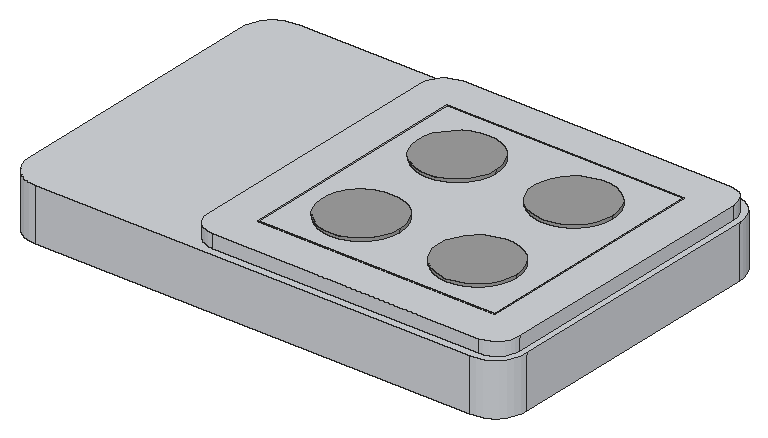
Revit family "Lighting-Industriale-GEWISS-SMART[4]ATEX_APPARECCHI-LED_1M", category Apparecchi per illuminazione, Revit 2019
Family settings
  Quota connettore circolare = Usa diametro
  Tipo di parte = Normale
  Numero OmniClass = 23.80.00.00
  Titolo OmniClass = Electric Power and Lighting
  Basato su piano di lavoro = Sì
  Sempre verticale = No
  Taglio con vuoti quando caricato = No
  Sorgente d'illuminazione = No
  Condiviso = No
  Punto di calcolo locali = No
Parameters (values of type "GWS4120FP857 - SMART4LB 1M ST.AL.ON/OFF ATEX 90° 57K")
  Voltaggio = 230 V
  Viti esterne = "Acciaio inox"
  Vetro acceso = Lampada accesa
  Versione file RFA = "20.11"
  Vano di alimentazione = "Integrato"
  URL = "https://www.gewiss.com/it/it"
  Tolleranza cromatica = "SDCM = 3"
  Tipologia sorgente luminosa = "LED - Non sostituibile"
  Tipo di installazione e montaggio = "Plafone - Parete - Sospensione"
  Tipo di apparecchio = "Riflettore industriale a LED&nbsp;"
  Tensione di alimentazione = "220 - 240 V"
  Temperatura di stoccaggio = "-40 +70 °C"
  Temperatura di esercizio = "+5°C / +40 °C"
  Temperatura di colore = "5700K"
  Superficie massima esposta al vento : = "0,097 m²"
  Spostamento_Y_etichetta [instance] = 0 mm
  Spostamento_Y_effettivo_etichetta [instance] = 1500 mm - Spostamento_Y_etichetta  # 1500 mm
  Spostamento_X_etichetta [instance] = 0 mm
  Spostamento_X_effettivo_etichetta [instance] = 1500 mm - Spostamento_X_etichetta  # 1500 mm
  SostituibilitÃ  piastra di cablaggio = "Non sostituibile"
  SostituibilitÃ  gruppo ottico = "Non sostituibile"
  Sistema di controllo : = "ON / OFF"
  Sistema di controllo = "ON / OFF"
  Schermo = "Vetro Temprato Spessore 4mm"
  Scheda Tecnica = "https://www.gewiss.com/it/it/search?q=GWS4120FP857"
  Resistenza al filo incandescente = "850 °C"
  Resistenza agli urti = "IK08"
  Produttore = "GEWISS S.p.A."
  Potenza di sistema = "64W"
  Peso (kg): = "3,5"
  Ottica = "90°"
  Offset etichetta W [instance] = 120 mm
  Norma di riferimento = "EN 60079-0 ; EN 60079-15 ; EN 60079-31 ; EN 60598-1 ; EN 60598-2-1"
  Modello = "GWS4120FP857"
  Materiali = "-"
  Lumen output (lm) = "9100"
  Lampada = "LED"
  Installazione e manutenzione = "-"
  Informazioni generali = "-"
  Indice di resa cromatica = "CRI-80"
  Inclinazione = "Con accessorio staffa"
  Immagine tipo = GWL1071.jpg
  IPEA = "-"
  IFC.TypeObject = ""
  IFC.ExportType = ""
  IFC.ExportAs = ""
  IDT = "b95782d405ee4ca1a3b4b3dc6b47d217"
  IDF = "60a8a722-c8ac-4f53-b8cc-3a708bea06e4"
  Guarnizioni = "tipo siliconico antinvecchiamento "
  Gruppo ottico = "Riflettore in PC metallizzato e lenti in PMMA"
  Grado di protezione = "IP66"
  Garanzia = "5 anni"
  Gancio di chiusura = "-"
  Frequenza nominale (Hz) = "50/60 Hz"
  Fissaggio = "-"
  Finitura colore = "Grigio RAL 7035"
  Etichetta wattaggio [instance] = yes
  Default Elevation = 1219.2 mm
  Trasformatore = none
  Spessore plafoniera = 40 mm  # constant formula
  Proiettsmart [instance] = yes
  Raggio led = 30 mm  # constant formula
  Plafoniera = none
  Efficienza luminosa (lm/W) = "142"
  Durata di vita = "L90B10 (Tq+25°C) = 100.000 h - L90B10 (Tq+40°C) = 50.000 h"
  Dispositivo di protezione = "DM 6 kV / CM 10 kV"
  Descrizione = "SMART[4]LB 1M ST.AL.ON/OFF ATEX 90° 57K"
  Creato da GEWISS S.p.A. = ""
  Corpo = "PA6 “Halogen Free” caricato fibra vetro"
  Controllo abbagliamento e luminanza = "UGR - 25"
  Contesto = "Illuminazione di logistiche e locali produttivi industriali"
  Commenti sul wattaggio = "50W"
  Colore = "Grigio RAL 7035"
  Codice digitale univoco (Datamatrix) = "Datamatrix"
  Codice Electrocod = "2444"
  Classificazione: = "ATEX: II 3 G Ex nR IIC T6 Gc - II 3 D Ex tc IIIC T65°C Dc"
  Classificazione = Lighting
  Classe isolamento = "I"
  Classe fotobiologica = "RG0"
  Certificazioni e classificazioni = "-"
  Certificazione DIN 18032-3 = "-"
  Catalogo = "LIGHTING"
  Carico apparente = 50 VA
  Motore = none
  Lunghezza = 383 mm  # constant formula
  Larghezza = 253 mm  # constant formula
  Distanza tot_plafoniera = 74 mm  # constant formula
  Dettaglio bidimensionale attivo [instance] = not(Proiettsmart)  # no
  Caratteristiche ottiche e illuminotecniche = "-"
  Caratteristiche elettriche e gestione della luce = "-"
  Cablaggio = "Cablaggio singolo con cavo antirespirazione che esce da PG metallico (NO Connettore) "
  COBie.Tagnumber = ""
  COBie.CreatedOn = ""
  COBie.CreatebBy = ""
  COBie.ComponentRegisterItemID = ""
  COBie.Component.TagNumber = ""
  COBie.Component.Space = ""
  COBie.Component.SerialNumber = ""
  COBie.Component.InstallationDate = ""
  COBie.Component.Description = ""
  COBie.Component.BarCode = ""
  Applicazione = "Interno"
  Apparecchio a ridotta temperatura superficiale = "Si"
  Alimentatore = "Incluso"
Types (8, lengths in mm): name | Temperatura di colore | Scheda Tecnica | Ottica | Modello | Lumen output (lm) | IDT | Gruppo ottico | Efficienza luminosa (lm/W) | Descrizione | Controllo abbagliamento e luminanza
  GWS4120FA840 - SMART4LB 1M ST.AL.ON/OFF ATEX ARR.40K | "4000K" | "https://www.gewiss.com/it/it/search?q=GWS4120FA840" | "Array" | "GWS4120FA840" | "8900" | "69070630deb94fb3b4f068582279c8b7" | "Riflettore in PC metallizzato" | "139" | "SMART[4]LB 1M ST.AL.ON/OFF ATEX ARR.40K" | "-"
  GWS4120FA857 - SMART4LB 1M ST.AL.ON/OFF ATEX ARR.57K | "5700K" | "https://www.gewiss.com/it/it/search?q=GWS4120FA857" | "Array" | "GWS4120FA857" | "8900" | "c49f7efa430d40b6a3292866e0f7e549" | "Riflettore in PC metallizzato" | "139" | "SMART[4]LB 1M ST.AL.ON/OFF ATEX ARR.57K" | "-"
  GWS4120FC840 - SMART4LB 1M ST.AL.ON/OFF ATEX ASI.40K | "4000K" | "https://www.gewiss.com/it/it/search?q=GWS4120FC840" | "Asimmetrica" | "GWS4120FC840" | "8100" | "db90bf54f8844b90a39a2cda6c833907" | "Riflettore in PC metallizzato e lenti in PMMA" | "127" | "SMART[4]LB 1M ST.AL.ON/OFF ATEX ASI.40K" | "-"
  GWS4120FC857 - SMART4LB 1M ST.AL.ON/OFF ATEX ASI.57K | "5700K" | "https://www.gewiss.com/it/it/search?q=GWS4120FC857" | "Asimmetrica" | "GWS4120FC857" | "8100" | "d60f3049486340dab08db8c3e0418ebf" | "Riflettore in PC metallizzato e lenti in PMMA" | "127" | "SMART[4]LB 1M ST.AL.ON/OFF ATEX ASI.57K" | "-"
  GWS4120FH840 - SMART4LB 1M ST.AL.ON/OFF ATEX 60° 40K | "4000K" | "https://www.gewiss.com/it/it/search?q=GWS4120FH840" | "60°" | "GWS4120FH840" | "9000" | "8ea916fe10134204a80d036faaa4efa6" | "Riflettore in PC metallizzato e lenti in PMMA" | "141" | "SMART[4]LB 1M ST.AL.ON/OFF ATEX 60° 40K" | "UGR - 25"
  GWS4120FH857 - SMART4LB 1M ST.AL.ON/OFF ATEX 60° 57K | "5700K" | "https://www.gewiss.com/it/it/search?q=GWS4120FH857" | "60°" | "GWS4120FH857" | "9000" | "5ff35ddfc0c04b4c9ae3a7d07e6419b0" | "Riflettore in PC metallizzato e lenti in PMMA" | "141" | "SMART[4]LB 1M ST.AL.ON/OFF ATEX 60° 57K" | "UGR - 25"
  GWS4120FP840 - SMART4LB 1M ST.AL.ON/OFF ATEX 90° 40K | "4000K" | "https://www.gewiss.com/it/it/search?q=GWS4120FP840" | "90°" | "GWS4120FP840" | "9100" | "cc487a92588d4206a9d1952d4b2c42d6" | "Riflettore in PC metallizzato e lenti in PMMA" | "142" | "SMART[4]LB 1M ST.AL.ON/OFF ATEX 90° 40K" | "UGR - 25"
  GWS4120FP857 - SMART4LB 1M ST.AL.ON/OFF ATEX 90° 57K | "5700K" | "https://www.gewiss.com/it/it/search?q=GWS4120FP857" | "90°" | "GWS4120FP857" | "9100" | "b95782d405ee4ca1a3b4b3dc6b47d217" | "Riflettore in PC metallizzato e lenti in PMMA" | "142" | "SMART[4]LB 1M ST.AL.ON/OFF ATEX 90° 57K" | "UGR - 25"
Reference planes
  plane 1 "Centro (Fronte/Retro)": y = 0
  plane 2: z = 0
  plane 3 "Centro (Sinistra/Destra)": x = 0
  plane 4: x = -191.5
  plane 5: y = 126.5
  plane 6: x = 191.5
  plane 7: y = -126.5
  plane 8: z = -74
  plane 9: x = -175.5
  plane 10: y = -110.5
  plane 11: y = 110.5
  plane 12: x = -60.5
  plane 13: y = 121.5
  plane 14: x = 186.5
  plane 15: y = -120
  plane 16: z = 74
  plane 17: z = 84
  plane 18: z = 86
  plane 19: x = -1500
  plane 20: y = -1500
  plane 21: x = 0
  plane 22: y = 0
Dimensions and locks
  equal spacing: plane 5, plane 1 "Centro (Fronte/Retro)", plane 7
  equal spacing: plane 4, plane 3 "Centro (Sinistra/Destra)", plane 6
  "Lunghezza": plane 4 to plane 6
  "Larghezza": plane 5 to plane 7
  locked: plane 14 to plane 6 at 5
  locked: plane 5 to plane 13 at 5
  nested 3 to plane 8 = 133.058 mm
  locked: plane 4 to plane 9 at 16
  "Offset etichetta W": plane 1 "Centro (Fronte/Retro)" to plane 15
  "Distanza tot_plafoniera": plane 16 to level
  locked: plane 18 to plane 17 at 2
  plane 19 to plane 3 "Centro (Sinistra/Destra)" = 1500 mm
  plane 1 "Centro (Fronte/Retro)" to plane 20 = 1500 mm
  "Spostamento_Y_effettivo_etichetta": plane 22 to plane 20
  "Spostamento_X_effettivo_etichetta": plane 19 to plane 21
  aligned and locked: level to plane 2
  aligned and locked: plane 4 to nested 1
  aligned and locked: plane 6 to nested 1
  aligned and locked: plane 5 to nested 1
  aligned and locked: plane 7 to nested 1
  aligned and locked: plane 14 to nested 2
  aligned and locked: plane 1 "Centro (Fronte/Retro)" to nested 10
  aligned and locked: nested 3 to plane 2
  aligned and locked: plane 16 to nested 1
  aligned and locked: plane 1 "Centro (Fronte/Retro)" to nested 8
  aligned and locked: plane 1 "Centro (Fronte/Retro)" to nested 1
  aligned and locked: plane 1 "Centro (Fronte/Retro)" to nested 2
  aligned and locked: nested 2 to plane 16
  aligned and locked: nested 4 to plane 18
  aligned and locked: plane 18 to nested 6
  aligned and locked: nested 7 to plane 18
  aligned and locked: plane 18 to nested 5
  aligned and locked: nested 9 to plane 22
  aligned and locked: plane 21 to nested 9
Nested families
  nested 1: "Struttura_SMART[4] LB - 2+2 L" at (0, 0, 74), type "SMART Lab (4) 4L"
  nested 2: "mascherina_SMART (4)" at (66.5, 0, 84), type "Maschera_smart (4) 4L", detail levels medium+fine
  nested 3: "Staffa SMART LAB 4" at (65, -20, 59.058) x (0, 1, 0) z (0, 0, -1), type "Staffa SMART LAB 4", detail levels medium+fine
  nested 4: "Gewis - Led" at (20.25, 44.75, 86), type "Gewis - Led", detail levels fine
  nested 5: "Gewis - Led" at (109.75, 44.75, 86) x (-1, 0, 0) z (0, 0, 1), type "Gewis - Led", detail levels fine
  nested 6: "Gewis - Led" at (20.25, -47.75, 86), type "Gewis - Led", detail levels fine
  nested 7: "Gewis - Led" at (109.75, -47.75, 86) x (-1, 0, 0) z (0, 0, 1), type "Gewis - Led", detail levels fine
  nested 8: "Rappr_bidimensionale_SMART[4] LB 4L" at (40, 0, 0), visible <- "Dettaglio bidimensionale attivo", type "SMART[4] LB 4L_bidimensionalerfa"
  nested 9: "ETICHETTA LIGHT" at (0, 0, 0), visible <- "Etichetta wattaggio", type "ETICHETTA LIGHT"
  nested 10: "PROIETTSMART " at (-32.162, 0, 0), visible <- "Proiettsmart", type "PROIETTSMART "
Connectors
  electrical at (0.009, -0.098, 34), driven by "Classificazione", driven by "Carico apparente"
    settings: on nested 1, index 1, voltage 230 V, apparent load 0 VA, apparent load phase1 50 VA, apparent load phase2 0 VA, apparent load phase3 0 VA, power factor 1, load classification "Lighting", number of poles 2, system type 31, power factor state 1, is connector primary yes, connector utility no, sub classification motor no, connector description ""
Definition of nested family "Struttura_SMART[4] LB - 2+2 L"
  Parameters (values of type "SMART Lab (4) 4L")
    Struttura plafoniera = none
    Spessore_plafoniera = 40 mm
    Lunghezza = 383 mm
    Larghezza = 253 mm
  Reference planes
    plane 1 "Asse sorgente illuminazione (F/B)": y = 0
    plane 2: z = 0
    plane 3 "Asse sorgente illuminazione (L/R)": x = 0
    plane 4 "Prospetto sorgente di illuminazione": z = -40
    plane 5 "SX": x = -191.5
    plane 6 "DX": x = 191.5
    plane 7 "DIETRO": y = 126.5
    plane 8 "AVANTI": y = -126.5
    plane 9: x = -51.5
    plane 10: x = 180.5
    plane 11: y = -115.5
    plane 12: y = 115.5
    plane 13: x = -180.5
    plane 14: x = 51.5
  Forms (mm)
    Extrusion 1, solid, material <- "Struttura plafoniera"
      sketch origin (0, 0, 0) x (1, 0, 0) y (0, 1, 0)
        loop
          line (191.5, -102.095) -> (191.5, 102.09)
          arc (191.5, 102.09) -> (184.35, 119.35) -> (167.09, 126.5) r 24.41
          line (167.09, 126.5) -> (-167.009, 126.5)
          arc (-167.009, 126.5) -> (-184.554, 119.1) -> (-191.5, 101.371) r 24.499
          line (-191.5, 101.371) -> (-191.5, -102.092)
          arc (-191.5, -102.092) -> (-184.351, -119.351) -> (-167.092, -126.5) r 24.408
          line (-167.092, -126.5) -> (167.117, -126.5)
          arc (167.117, -126.5) -> (184.334, -119.368) -> (191.465, -102.152) r 24.348
      from -40 to 0
  Dimensions and locks
    equal spacing: plane 5 "SX", plane 3 "Asse sorgente illuminazione (L/R)", plane 6 "DX"
    equal spacing: plane 7 "DIETRO", plane 1 "Asse sorgente illuminazione (F/B)", plane 8 "AVANTI"
    "Lunghezza": plane 5 "SX" to plane 6 "DX"
    "Larghezza": plane 7 "DIETRO" to plane 8 "AVANTI"
    locked: plane 7 "DIETRO" to plane 12 at 11
    locked: plane 11 to plane 8 "AVANTI" at 11
    locked: plane 10 to plane 6 "DX" at 11
    locked: plane 9 to plane 10 at 232
    plane 13 to plane 14 = 232 mm
    locked: plane 5 "SX" to plane 13 at 11
    "Spessore_plafoniera": plane 2 to plane 4 "Prospetto sorgente di illuminazione"
    aligned and locked: level to plane 2
    aligned and locked: Extrusion 1 to plane 5 "SX"
    aligned and locked: Extrusion 1 to plane 8 "AVANTI"  (x2)
    aligned and locked: plane 7 "DIETRO" to Extrusion 1
    aligned and locked: plane 6 "DX" to Extrusion 1
    aligned and locked: plane 4 "Prospetto sorgente di illuminazione" to Extrusion 1
    aligned and locked: plane 2 to Extrusion 1
  Automatic sketch dimensions
    Extrusion 1 sketch curve to plane 5 "SX" = 0 mm
    Extrusion 1 sketch curve to plane 8 "AVANTI" = 0 mm
    Extrusion 1 sketch curve to plane 7 "DIETRO" = 0 mm
    Extrusion 1 sketch curve to plane 6 "DX" = 0 mm
    plane 13 to Extrusion 1 sketch curve = 13.408 mm
    plane 13 to Extrusion 1 sketch curve = 13.491 mm
    Extrusion 1 sketch curve to plane 10 = 13.41 mm
    Extrusion 1 sketch curve to plane 10 = 13.383 mm
    plane 11 to Extrusion 1 sketch curve = 13.348 mm
    Extrusion 1 sketch curve to plane 12 = 14.129 mm
    Extrusion 1 sketch curve to Extrusion 1 sketch curve = 0.056 mm
Definition of nested family "mascherina_SMART (4)"
  Parameters (values of type "Maschera_smart (4) 4L")
    Spessore_mascherina = 10 mm
    Default Elevation = 1219.2 mm
    N.intarsi = (Lunghezza_mascherina - (Bordo * 2)) / 15 mm  # 12
    N._intarsi verticale = (Larghezza_mascherina - (Bordo * 2)) / 17 mm  # 11
    Mascherina = none
    Lunghezza_mascherina = 240 mm
    Larghezza_mascherina = 240 mm
    Distanza_intarsi v. = 41 mm  # constant formula
    Distanza_intarsi = 37 mm  # constant formula
    Bordo = 29 mm
  Reference planes
    plane 1 "Centro (Fronte/Retro)": y = 0
    plane 2: z = 0
    plane 3 "Centro (Sinistra/Destra)": x = 0
    plane 4: x = -120
    plane 5 "Dietro": y = 120
    plane 6: x = 120
    plane 7: y = -120
    plane 8: x = -91
    plane 9: y = -91
    plane 10: x = 91
    plane 11: y = 91
    plane 12: x = -83
    plane 13: y = 94.742
    plane 14: y = -95
    plane 15: z = -10
    plane 16: x = -95
    plane 17: y = 79
    plane 18: y = -79
    plane 19: x = 95
    plane 20: z = -4.799
  Forms (mm)
    Extrusion 1, solid, material <- "Mascherina"
      sketch origin (0, 0, 0) x (1, 0, 0) y (0, 1, 0)
        loop
          arc (-102.5, 120) -> (-114.874, 114.874) -> (-120, 102.5) r 17.5
          line (-120, 102.5) -> (-120, -102.5)
          arc (-120, -102.5) -> (-114.874, -114.874) -> (-102.5, -120) r 17.5
          line (-102.5, -120) -> (102.5, -120)
          arc (102.5, -120) -> (114.874, -114.874) -> (120, -102.5) r 17.5
          line (120, -102.5) -> (120, 102.5)
          arc (120, 102.5) -> (114.874, 114.874) -> (102.5, 120) r 17.5
          line (102.5, 120) -> (-102.5, 120)
        loop
          line (-91, 91) -> (-91, -91) -> (91, -91) -> (91, 91) -> (-91, 91)
      from -10 to 0
    Extrusion 2, solid, material <- "Mascherina"
      sketch origin (0, 0, 0) x (1, 0, 0) y (0, 1, 0)
        loop
          line (-91, 91) -> (-91, -91) -> (91, -91) -> (91, 91) -> (-91, 91)
      from -4.799 to 0
  Dimensions and locks
    equal spacing: plane 4, plane 3 "Centro (Sinistra/Destra)", plane 6
    "Lunghezza_mascherina": plane 4 to plane 6
    equal spacing: plane 5 "Dietro", plane 1 "Centro (Fronte/Retro)", plane 7
    "Larghezza_mascherina": plane 5 "Dietro" to plane 7
    "Bordo": plane 4 to plane 8
    "Bordo": plane 9 to plane 7
    "Bordo": plane 5 "Dietro" to plane 11
    "Bordo": plane 10 to plane 6
    "Distanza_intarsi": plane 4 to plane 12
    locked: plane 13 to plane 11 at 3.742
    "Spessore_mascherina": plane 2 to plane 15
    "Distanza_intarsi v.": plane 5 "Dietro" to plane 17
    "Distanza_intarsi v.": plane 18 to plane 7
    locked: plane 9 to plane 14 at 4
    locked: plane 16 to plane 8 at 4
    locked: plane 10 to plane 19 at 4
    locked: plane 2 to plane 20 at 4.799
    radius of Extrusion 1 sketch curve = 17.5 mm  (x4)
    aligned and locked: level to plane 2
    aligned and locked: plane 4 to Extrusion 1 sketch curve
    aligned and locked: plane 6 to Extrusion 1 sketch curve
    aligned and locked: Extrusion 1 sketch curve to plane 5 "Dietro"
    aligned and locked: Extrusion 1 sketch curve to plane 7
    aligned and locked: Extrusion 1 sketch curve to plane 11
    aligned and locked: plane 8 to Extrusion 1 sketch curve
    aligned and locked: plane 9 to Extrusion 1 sketch curve
    aligned and locked: Extrusion 1 sketch curve to plane 10
    aligned and locked: plane 2 to Extrusion 1
    aligned and locked: Extrusion 1 to plane 15
    aligned and locked: Extrusion 2 sketch curve to plane 10
    aligned and locked: plane 9 to Extrusion 2 sketch curve
    aligned and locked: plane 8 to Extrusion 2 sketch curve
    aligned and locked: Extrusion 2 sketch curve to plane 11
    aligned and locked: plane 2 to Extrusion 2
    aligned and locked: Extrusion 2 to plane 20
Definition of nested family "Staffa SMART LAB 4"
  Parameters (values of type "Staffa SMART LAB 4")
    Staffa = none
    Default Elevation = 1219.2 mm
  Reference planes
    plane 1 "Centro (Fronte/Retro)": y = 0
    plane 2: z = 0
    plane 3 "Centro (Sinistra/Destra)": x = 0
    plane 4: y = 25
    plane 5: y = -25
    plane 6: x = -480
    plane 7: x = 480
    plane 8: z = 340
  Forms (mm)
    Extrusion 1, solid, material <- "Staffa"
      sketch origin (-19.427, 0, 0) x (1, 0, 0) y (0, 0, 1)
        loop
          line (-52.112, 0) -> (-51.312, 0) -> (-51.312, 5.038) -> (-51.312, 7.679) -> (-48.064, 11.553) -> (-48.309, 20.832)
          arc (-48.309, 20.832) -> (-48.108, 21.384) -> (-47.585, 21.651) r 0.801
          line (-47.585, 21.651) -> (-46.541, 21.744)
          arc (-46.541, 21.744) -> (-45.388, 22.346) -> (-44.998, 23.587) r 1.701
          line (-44.998, 23.587) -> (-45.225, 26.168) -> (-47.881, 28.39) -> (-47.881, 32.971) -> (-23.475, 58.058) -> (62.329, 58.058) -> (86.735, 32.971) -> (86.735, 28.39) -> (84.08, 26.168) -> (83.852, 23.587)
          arc (83.852, 23.587) -> (84.243, 22.346) -> (85.396, 21.744) r 1.701
          line (85.396, 21.744) -> (86.439, 21.651)
          arc (86.439, 21.651) -> (86.963, 21.384) -> (87.163, 20.832) r 0.801
          line (87.163, 20.832) -> (86.919, 11.553) -> (90.167, 7.679) -> (90.167, 5.038) -> (90.167, 0) -> (90.967, 0) -> (90.967, 5.038) -> (90.967, 7.979) -> (87.921, 11.618) -> (88.163, 20.806)
          arc (88.163, 20.806) -> (87.71, 22.048) -> (86.531, 22.647) r 1.801
          line (86.531, 22.647) -> (85.484, 22.74)
          arc (85.484, 22.74) -> (85.009, 22.988) -> (84.849, 23.499) r 0.701
          line (84.849, 23.499) -> (85.039, 25.667) -> (87.735, 27.923) -> (87.735, 32.876) -> (86.947, 34.187) -> (62.751, 59.058) -> (-23.897, 59.058) -> (-48.093, 34.187) -> (-48.881, 32.876) -> (-48.881, 27.923) -> (-46.185, 25.667) -> (-45.994, 23.499)
          arc (-45.994, 23.499) -> (-46.155, 22.988) -> (-46.63, 22.74) r 0.701
          line (-46.63, 22.74) -> (-47.676, 22.647)
          arc (-47.676, 22.647) -> (-48.856, 22.048) -> (-49.308, 20.806) r 1.801
          line (-49.308, 20.806) -> (-49.066, 11.618) -> (-52.112, 7.979) -> (-52.112, 5.038) -> (-52.112, 0)
      from -25 to 25
  Dimensions and locks
    equal spacing: plane 6, plane 3 "Centro (Sinistra/Destra)", plane 7
    equal spacing: plane 4, plane 1 "Centro (Fronte/Retro)", plane 5
    plane 4 to plane 5 = 50 mm
    plane 6 to plane 7 = 960 mm
    aligned and locked: level to plane 2
    aligned and locked: plane 4 to Extrusion 1
    aligned and locked: Extrusion 1 to plane 5
  Automatic sketch dimensions
    Extrusion 1 sketch curve to Extrusion 1 sketch curve = 0 mm  (x10)
    Extrusion 1 sketch curve to level = 0 mm  (x2)
    level to Extrusion 1 sketch curve = 5.038 mm
    Extrusion 1 sketch curve to plane 3 "Centro (Sinistra/Destra)" = 71.54 mm
    Extrusion 1 sketch curve to Extrusion 1 sketch curve = 0.8 mm  (x2)
    level to Extrusion 1 sketch curve = 20.806 mm  (x2)
    Extrusion 1 sketch curve to Extrusion 1 sketch curve = 2.804 mm
    level to Extrusion 1 sketch curve = 11.618 mm  (x2)
    Extrusion 1 sketch curve to Extrusion 1 sketch curve = 2.246 mm  (x2)
    Extrusion 1 sketch curve to Extrusion 1 sketch curve = 0.428 mm
    level to Extrusion 1 sketch curve = 20.832 mm  (x2)
    Extrusion 1 sketch curve to Extrusion 1 sketch curve = 1 mm  (x4)
    Extrusion 1 sketch curve to Extrusion 1 sketch curve = 0.788 mm
    level to Extrusion 1 sketch curve = 11.553 mm  (x2)
    Extrusion 1 sketch curve to Extrusion 1 sketch curve = 1.002 mm  (x2)
    level to Extrusion 1 sketch curve = 22.647 mm  (x2)
    Extrusion 1 sketch curve to Extrusion 1 sketch curve = 0.632 mm
    level to Extrusion 1 sketch curve = 21.651 mm  (x2)
    Extrusion 1 sketch curve to Extrusion 1 sketch curve = 0.092 mm  (x2)
    Extrusion 1 sketch curve to Extrusion 1 sketch curve = 0.984 mm
    level to Extrusion 1 sketch curve = 22.74 mm  (x2)
    Extrusion 1 sketch curve to Extrusion 1 sketch curve = 0.062 mm
    level to Extrusion 1 sketch curve = 21.744 mm  (x2)
    Extrusion 1 sketch curve to Extrusion 1 sketch curve = 0.088 mm
    Extrusion 1 sketch curve to Extrusion 1 sketch curve = 0.507 mm
    level to Extrusion 1 sketch curve = 23.499 mm  (x2)
    Extrusion 1 sketch curve to Extrusion 1 sketch curve = 0.698 mm  (x2)
    Extrusion 1 sketch curve to Extrusion 1 sketch curve = 0.96 mm  (x2)
    level to Extrusion 1 sketch curve = 23.587 mm  (x2)
    Extrusion 1 sketch curve to plane 3 "Centro (Sinistra/Destra)" = 43.324 mm
    Extrusion 1 sketch curve to Extrusion 1 sketch curve = 0.422 mm  (x2)
    plane 3 "Centro (Sinistra/Destra)" to Extrusion 1 sketch curve = 42.902 mm
    Extrusion 1 sketch curve to Extrusion 1 sketch curve = 21.523 mm
    level to Extrusion 1 sketch curve = 26.168 mm
    Extrusion 1 sketch curve to Extrusion 1 sketch curve = 0.227 mm
    Extrusion 1 sketch curve to Extrusion 1 sketch curve = 0.996 mm
    level to Extrusion 1 sketch curve = 25.667 mm
    Extrusion 1 sketch curve to Extrusion 1 sketch curve = 0.548 mm
    Extrusion 1 sketch curve to Extrusion 1 sketch curve = 0.966 mm
    Extrusion 1 sketch curve to Extrusion 1 sketch curve = 0.077 mm
    level to Extrusion 1 sketch curve = 28.39 mm
    Extrusion 1 sketch curve to Extrusion 1 sketch curve = 1.696 mm
    Extrusion 1 sketch curve to Extrusion 1 sketch curve = 0.557 mm
    level to Extrusion 1 sketch curve = 34.187 mm
    Extrusion 1 sketch curve to Extrusion 1 sketch curve = 0.212 mm
    Extrusion 1 sketch curve to Extrusion 1 sketch curve = 0.801 mm
    level to Extrusion 1 sketch curve = 7.679 mm
    Extrusion 1 sketch curve to Extrusion 1 sketch curve = 2.641 mm  (x2)
    Extrusion 1 sketch curve to Extrusion 1 sketch curve = 0.3 mm  (x2)
    Extrusion 1 sketch curve to Extrusion 1 sketch curve = 2.168 mm
    Extrusion 1 sketch curve to Extrusion 1 sketch curve = 0.501 mm
    Extrusion 1 sketch curve to Extrusion 1 sketch curve = 0.467 mm  (x2)
    Extrusion 1 sketch curve to Extrusion 1 sketch curve = 2.256 mm
    Extrusion 1 sketch curve to Extrusion 1 sketch curve = 4.486 mm
    Extrusion 1 sketch curve to Extrusion 1 sketch curve = 1.311 mm
    Extrusion 1 sketch curve to Extrusion 1 sketch curve = 0.095 mm  (x2)
    Extrusion 1 sketch curve to Extrusion 1 sketch curve = 1.216 mm
    Extrusion 1 sketch curve to Extrusion 1 sketch curve = 23.87 mm
Definition of nested family "Gewis - Led"
  Parameters (values of type "Gewis - Led")
    Vetro = none
    Raggio led = 30 mm
    Default Elevation = 1219.2 mm
    Estensione vetro = 3 mm
  Reference planes
    plane 1 "Centro (Fronte/Retro)": y = 0
    plane 2: z = 0
    plane 3 "Centro (Sinistra/Destra)": x = 0
  Forms (mm)
    Extrusion 1, solid, material <- "Vetro"
      sketch origin (0, 0, 0) x (1, 0, 0) y (0, 1, 0)
        loop
          circle (0, 0) r 30
      from -3 to 0
  Dimensions and locks
    "Estensione vetro": level to Extrusion 1
    "Raggio led": radius of Extrusion 1 sketch curve
    aligned and locked: level to plane 2
    aligned and locked: level to Extrusion 1
  Automatic sketch dimensions
    plane 1 "Centro (Fronte/Retro)" to Extrusion 1 sketch curve = 0 mm
    Extrusion 1 sketch curve to plane 3 "Centro (Sinistra/Destra)" = 0 mm
Definition of nested family "Rappr_bidimensionale_SMART[4] LB 4L"
  Reference planes
    plane 1 "Centro (Fronte/Retro)": y = 0
    plane 2: z = 0
    plane 3 "Centro (Sinistra/Destra)": x = 0
  Lines and regions (mm)
    model lines, in view "Livello rif."
      curve 1: circle (-20.568, 47.057, 0) r 28.619 normal (0, 0, 1)
      curve 2: circle (73.432, -46.943, 0) r 28.619 normal (0, 0, 1)
      curve 3: circle (-20.568, -46.943, 0) r 28.619 normal (0, 0, 1)
      curve 4: circle (73.432, 47.057, 0) r 28.619 normal (0, 0, 1)
      curve 5: arc (-93.068, -104.009, 0) -> (-88.529, -114.969, 0) -> (-77.568, -119.509, 0) r 15.5
      curve 6: arc (145.932, 103.991, 0) -> (141.392, 114.952, 0) -> (130.432, 119.491, 0) r 15.5
      curve 7: arc (-77.568, 119.491, 0) -> (-88.529, 114.952, 0) -> (-93.068, 103.991, 0) r 15.5
      curve 8: arc (130.432, -119.509, 0) -> (141.392, -114.969, 0) -> (145.932, -104.009, 0) r 15.5
      curve 9: arc (152.721, 103.991, 0) -> (146.196, 119.749, 0) -> (130.441, 126.281, 0) r 22.29
      curve 10: arc (130.443, -126.298, 0) -> (146.197, -119.766, 0) -> (152.721, -104.009, 0) r 22.29
      curve 11: arc (-230.358, -108, 0) -> (-225, -120.942, 0) -> (-212.058, -126.298, 0) r 18.29
      curve 12: arc (-212.077, 126.281, 0) -> (-225.001, 120.924, 0) -> (-230.358, 108, 0) r 18.29
      curve 13: line (-66.068, -92.509, 0) -> (-66.068, 92.491, 0)
      curve 14: line (-66.068, 92.491, 0) -> (118.932, 92.491, 0)
      curve 15: line (118.932, 92.491, 0) -> (118.932, -92.509, 0)
      curve 16: line (118.932, -92.509, 0) -> (-66.068, -92.509, 0)
      curve 17: line (-77.568, -119.509, 0) -> (130.432, -119.509, 0)
      curve 18: line (-77.568, 119.491, 0) -> (130.432, 119.491, 0)
      curve 19: line (-93.068, 103.991, 0) -> (-93.068, -104.009, 0)
      curve 20: line (145.932, 103.991, 0) -> (145.932, -104.009, 0)
      curve 21: line (-212.077, 126.281, 0) -> (130.441, 126.281, 0)
      curve 22: line (152.721, 103.991, 0) -> (152.721, -104.009, 0)
      curve 23: line (130.443, -126.298, 0) -> (-212.058, -126.298, 0)
      curve 24: line (-230.358, -108, 0) -> (-230.358, 108, 0)
Definition of nested family "ETICHETTA LIGHT"
  Parameters (values of type "ETICHETTA LIGHT")
    COMMENTI = "53W"
  Reference planes
    plane 1: y = 0
    plane 2: x = 0
  Text (mm)
    label "COMMENTI" at (-0.057, 0.105, 0), shows "COMMENTI"
Definition of nested family "PROIETTSMART "
  Reference planes
    plane 1 "Centro (Fronte/Retro)": y = 0
    plane 2: z = 0
    plane 3 "Centro (Sinistra/Destra)": x = 0
  Lines and regions (mm)
    model lines, in view "Livello rif."
      curve 1: line (120.593, -21.515, 0) -> (77.393, -0.008, 0)
      curve 2: line (77.393, -0.008, 0) -> (120.593, 21.758, 0)
      curve 3: line (120.593, 21.758, 0) -> (120.593, -21.515, 0)
      curve 4: line (77.393, 21.629, 0) -> (77.393, -21.645, 0)
      curve 5: line (77.393, -0.008, 0) -> (52.133, -0.008, 0)
      curve 6: line (120.593, 0.122, 0) -> (139.246, 0.122, 0)
      curve 7: line (162.162, 66.747, 0) -> (162.162, -66.747, 0)
      curve 8: line (162.162, -66.747, 0) -> (-97.838, -66.747, 0)
      curve 9: line (-97.838, -66.747, 0) -> (-97.838, 66.747, 0)
      curve 10: line (-97.838, 66.747, 0) -> (162.162, 66.747, 0)
      curve 11: line (45.772, 49.667, 0) -> (145.121, 49.667, 0)
      curve 12: line (145.121, 49.667, 0) -> (145.121, -49.683, 0)
      curve 13: line (145.121, -49.683, 0) -> (45.772, -49.683, 0)
      curve 14: line (45.772, -49.683, 0) -> (45.772, 49.667, 0)
